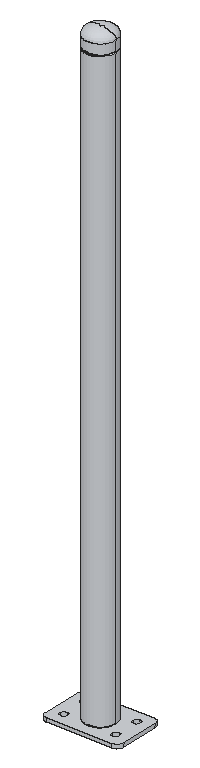
Revit family "RRPOSTM", category Generic Models, Revit 2018
Family settings
  Can host rebar = No
  Round Connector Dimension = Use Diameter
  Part Type = Normal
  Work Plane-Based = Yes
  Always vertical = No
  Cut with Voids When Loaded = No
  Shared = Yes
  Room Calculation Point = No
Parameters (values of type "RRPOSTM30448")
  Ship Complete Level [instance] = ""
  Required Date [instance] = ""
  Post Height = Height - Cap Height - 0.250"  # 46.250"
  Patent Information = "10495237, 10,697,562, 10,844,978, 11,262,000"
  Job [instance] = ""
  Height = 48.000"
  Group/Run [instance] = ""
  Diameter = 2.380"
  Description = "One Post Mount 2 Inch Schedule 40 Pipe  304 48 Inch High"
  Default Elevation = 48.000"
  Custom [instance] = ""
  Catalog Number = "RRPOSTM30448"
  Cap Height = 1.500"
  Assembly Name [instance] = ""
  Assembly ID [instance] = ""
Types (8): name | Post Height | Height | Description | Catalog Number
  RRPOSTM30496 | 94.250" | 96.000" | "One Post Mount 2 Inch Schedule 40 Pipe  304 96 Inch High" | "RRPOSTM30496"
  RRPOSTM30448 | 46.250" | 48.000" | "One Post Mount 2 Inch Schedule 40 Pipe  304 48 Inch High" | "RRPOSTM30448"
  RRPOSTM30460 | 58.250" | 60.000" | "One Post Mount 2 Inch Schedule 40 Pipe  304 60 Inch High" | "RRPOSTM30460"
  RRPOSTM30472 | 70.250" | 72.000" | "One Post Mount 2 Inch Schedule 40 Pipe  304 72 Inch High" | "RRPOSTM30472"
  RRPOSTM30478 | 76.250" | 78.000" | "One Post Mount 2 Inch Schedule 40 Pipe  304 78 Inch High" | "RRPOSTM30478"
  RRPOSTM30484 | 82.250" | 84.000" | "One Post Mount 2 Inch Schedule 40 Pipe  304 84 Inch High" | "RRPOSTM30484"
  RRPOSTM304108 | 106.250" | 108.000" | "One Post Mount 2 Inch Schedule 40 Pipe  304 108 Inch High" | "RRPOSTM304108"
  RRPOSTM304120 | 118.250" | 120.000" | "One Post Mount 2 Inch Schedule 40 Pipe  304 120 Inch High" | "RRPOSTM304120"
Reference planes (in)
  plane 1 "Center (Front/Back)": y = 0
  plane 2: z = 0
  plane 3 "Center (Left/Right)": x = 0
  plane 4 "post bottom": z = 0.25
  plane 5 "Cap Bottom": z = 46.5
  plane 6 "top": z = 48
Dimensions and locks (in)
  locked: plane 4 "post bottom" to level at 0.25
  "Height": plane 6 "top" to level
  "Cap Height": plane 6 "top" to plane 5 "Cap Bottom"
  aligned and locked: plane 2 to level
Nested families (in)
  nested 1: "RMPOSTPLATE" at (0, 0, 0), type "RMPOSTPLATE"
  nested 2: "WP-CDT-POL-POST-304" at (0, 0, 0.25), type "WP-CDT-POL-POST-304"
    with Post Material none, Post Height 46.250"
  nested 3: "RMCAP" at (0, 0, 46.5), type "RMCAP"
Definition of nested family "RMPOSTPLATE"
  Parameters (values of type "RMPOSTPLATE")
    Right Holes Offset = 1.000"
    Post Plate Width = 4.000"
    Post Plate Length = 6.000"
    Post Plate Height = 0.250"
    Plate Material = none
    Mounting Holes Diameter = 0.563"
    Left Holes Offset = 1.000"
    Front Holes Offset = 1.000"
    Description = "Rocket Post Plate"
    Default Elevation = 48.000"
    Catalog Number = "RMPOSTPLATE"
    Back Holes Offset = 1.000"
  Reference planes (in)
    plane 1 "Center (Front/Back)": y = 0
    plane 2: z = 0
    plane 3 "Center (Left/Right)": x = 0
    plane 4 "Right": x = 3
    plane 5 "Left": x = -3
    plane 6 "Back Holes": y = 1
    plane 7 "Front Holes": y = -1
    plane 8 "Left Holes": x = -2
    plane 9 "Right Holes": x = 2
    plane 10 "Front": y = -2
    plane 11 "Back": y = 2
    plane 12 "Top": z = 0.25
  Forms (in)
    Extrusion 1, solid, material <- "Plate Material"
      sketch origin (0, 0, 0) x (1, 0, 0) y (0, 1, 0)
        loop
          line (2.5, 2) -> (-2.5, 2)
          arc (-2.5, 2) -> (-2.85355, 1.85355) -> (-3, 1.5) r 0.5
          line (-3, 1.5) -> (-3, -1.5)
          arc (-3, -1.5) -> (-2.85355, -1.85355) -> (-2.5, -2) r 0.5
          line (-2.5, -2) -> (2.5, -2)
          arc (2.5, -2) -> (2.85355, -1.85355) -> (3, -1.5) r 0.5
          line (3, -1.5) -> (3, 1.5)
          arc (3, 1.5) -> (2.85355, 1.85355) -> (2.5, 2) r 0.5
        loop
          circle (-2, 1) r 0.2815
        loop
          circle (2, 1) r 0.2815
        loop
          circle (-2, -1) r 0.2815
        loop
          circle (2, -1) r 0.2815
      from 0 to 0.25
  Dimensions and locks (in)
    "Post Plate Length": plane 5 "Left" to plane 4 "Right"
    equal spacing: plane 5 "Left", plane 3 "Center (Left/Right)", plane 4 "Right"
    "Post Plate Width": plane 10 "Front" to plane 11 "Back"
    equal spacing: plane 10 "Front", plane 1 "Center (Front/Back)", plane 11 "Back"
    "Front Holes Offset": plane 10 "Front" to plane 7 "Front Holes"
    "Back Holes Offset": plane 6 "Back Holes" to plane 11 "Back"
    "Left Holes Offset": plane 5 "Left" to plane 8 "Left Holes"
    "Right Holes Offset": plane 9 "Right Holes" to plane 4 "Right"
    "Post Plate Height": plane 12 "Top" to plane 2
    "Mounting Holes Diameter": diameter of Extrusion 1 sketch curve  (x4)
    aligned and locked: level to plane 2
    aligned and locked: Extrusion 1 sketch curve to plane 5 "Left"
    aligned and locked: plane 4 "Right" to Extrusion 1 sketch curve
    aligned and locked: Extrusion 1 to plane 12 "Top"
    aligned and locked: plane 10 "Front" to Extrusion 1 sketch curve
    aligned and locked: Extrusion 1 sketch curve to plane 11 "Back"
    aligned and locked: plane 6 "Back Holes" to Extrusion 1 sketch curve  (x2)
    aligned and locked: plane 8 "Left Holes" to Extrusion 1 sketch curve  (x2)
    aligned and locked: plane 7 "Front Holes" to Extrusion 1 sketch curve  (x2)
    aligned and locked: plane 9 "Right Holes" to Extrusion 1 sketch curve  (x2)
  Automatic sketch dimensions
    Extrusion 1 sketch curve to Extrusion 1 sketch curve = 0.500"  (x2)
    Extrusion 1 sketch curve to plane 4 "Right" = 0.500"  (x2)
Definition of nested family "WP-CDT-POL-POST-304"
  Parameters (values of type "WP-CDT-POL-POST-304")
    Post Diameter = 2.380"
    Post Material [instance] = none
    Post Height = 10.250"
    Description = "Rocket Post Pipe"
    Default Elevation = 48.000"
    Catalog Number = "WP-CDT-POL-POST-304"
  Reference planes (in)
    plane 1 "Center (Front/Back)": y = 0
    plane 2: z = 0
    plane 3 "Center (Left/Right)": x = 0
    plane 4 "Right": x = 1.19
    plane 5 "Left": x = -1.19
    plane 6 "Top": z = 10.25
  Forms (in)
    Revolve 1, solid
      sketch origin (0, 0, 0) x (1, 0, 0) y (0, 0, 1)
        loop
          line (0, 0) -> (1.13, 0) -> (1.19, 0.06) -> (1.19, 10.19) -> (1.13, 10.25) -> (0, 10.25) -> (0, 0)
        axis (0, 10.25) -> (0, 0)
      angle from 0 to 360
  Dimensions and locks (in)
    "Post Diameter": plane 5 "Left" to plane 4 "Right"
    equal spacing: plane 5 "Left", plane 3 "Center (Left/Right)", plane 4 "Right"
    "Post Height": plane 6 "Top" to plane 2
    locked: plane 6 "Top" to Revolve 1 sketch curve at 0.06
    locked: plane 4 "Right" to Revolve 1 sketch curve at 0.06  (x2)
    locked: Revolve 1 sketch curve to plane 2 at 0.06
    aligned and locked: level to plane 2
    aligned and locked: plane 6 "Top" to Revolve 1 sketch curve
    aligned and locked: Revolve 1 sketch curve to plane 4 "Right"
  Automatic sketch dimensions
    Revolve 1 sketch curve to plane 3 "Center (Left/Right)" = 0.000"  (x2)
    Revolve 1 sketch curve to level = 0.000"
    Revolve 1 sketch curve to level = 2.000"
    Revolve 1 sketch curve to Revolve 1 sketch curve = 2.500"
Definition of nested family "RMCAP"
  Parameters (values of type "RMCAP")
    Description = "Rocket Post Cap"
    Catalog Number = "RMCAP"
    Cap Material = none
    Default Elevation = 48.000"
    Cap Height = 1.500"
    Cap Diameter = 2.380"
  Reference planes (in)
    plane 1 "Center (Front/Back)": y = 0
    plane 2: z = 0
    plane 3 "Center (Left/Right)": x = 0
    plane 4 "Right": x = 1.19
    plane 5 "Left": x = -1.19
    plane 6 "Top": z = 1.5
  Forms (in)
    Revolve 1, solid, material <- "Cap Material"
      sketch origin (0, 0, 0) x (1, 0, 0) y (0, 0, 1)
        loop
          line (1.13, 0) -> (1.19, 0.06) -> (1.19, 0.83)
          spline (1.19, 0.83) -> (1.17982, 0.91745) -> (1.14945, 1.00341) -> (1.09942, 1.0864) -> (1.03057, 1.165) -> (0.94409, 1.23787) -> (0.84146, 1.30376) -> (0.72443, 1.36155) -> (0.595, 1.41024) -> (0.45539, 1.449) -> (0.30799, 1.47717) -> (0.15533, 1.49427) -> (0, 1.5)
          line (0, 1.5) -> (0, 1.39)
          spline (0, 1.39) -> (0.14716, 1.38445) -> (0.29152, 1.36818) -> (0.43036, 1.34172) -> (0.56099, 1.30563) -> (0.6808, 1.26059) -> (0.78749, 1.20791) -> (0.879, 1.14915) -> (0.95377, 1.08625) -> (1.01072, 1.02124) -> (1.05013, 0.95614) -> (1.07278, 0.89248) -> (1.08, 0.83)
          line (1.08, 0.83) -> (1.08, 0) -> (1.13, 0)
        axis (0, 1.5) -> (0, 0)
      angle from 0 to 360
  Dimensions and locks (in)
    "Cap Diameter": plane 5 "Left" to plane 4 "Right"
    equal spacing: plane 5 "Left", plane 3 "Center (Left/Right)", plane 4 "Right"
    locked: plane 4 "Right" to Revolve 1 sketch curve at 0.11
    "Cap Height": plane 6 "Top" to plane 2
    locked: plane 6 "Top" to Revolve 1 sketch curve at 0.11
    aligned and locked: level to plane 2
    aligned and locked: plane 4 "Right" to Revolve 1 sketch curve
    aligned and locked: plane 6 "Top" to Revolve 1 sketch curve
  Automatic sketch dimensions
    Revolve 1 sketch curve to plane 5 "Left" = 0.000"
    Revolve 1 sketch curve to plane 3 "Center (Left/Right)" = 0.000"
    Revolve 1 sketch curve to level = 0.000"
    Revolve 1 sketch curve to Revolve 1 sketch curve = 0.050"
    level to Revolve 1 sketch curve = 0.060"
    Revolve 1 sketch curve to Revolve 1 sketch curve = 0.000"
    Revolve 1 sketch curve to Revolve 1 sketch curve = 0.560"
    Revolve 1 sketch curve to level = 0.500"
    Revolve 1 sketch curve to Revolve 1 sketch curve = 0.080"
